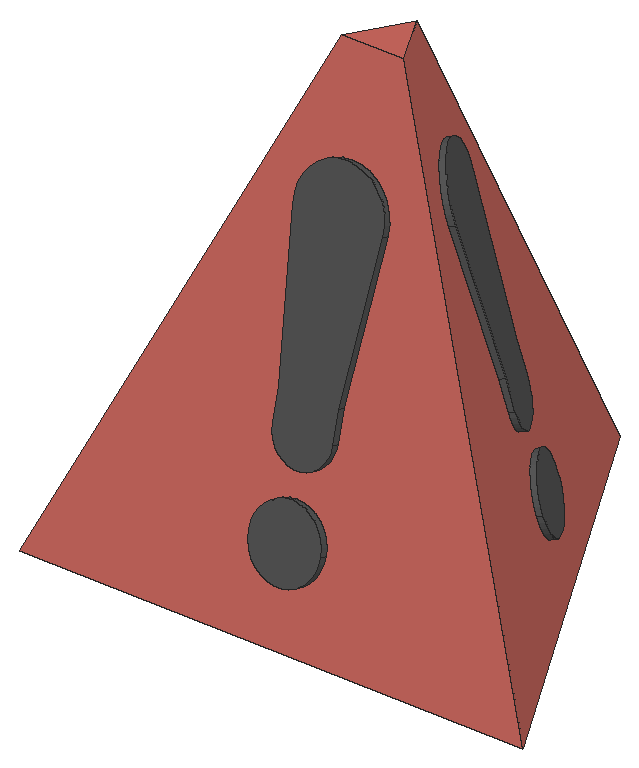
Revit family "Risk-Catastrophe", category Generic Models, Revit 2020
Family settings
  Can host rebar = No
  Round Connector Dimension = Use Diameter
  Part Type = Normal
  Work Plane-Based = No
  Always vertical = Yes
  Cut with Voids When Loaded = No
  Shared = No
  Room Calculation Point = Yes
Parameters
  Who is Likely to be Harmed [instance] = ""
  RiskBlock = Laminate, Red, Matte
  Risk Number [instance] = 0
  Risk Management Action Required [instance] = ""
  PD to include in Pre-Construct Info? [instance] = yes
  PD to include in Health and Safety File? [instance] = yes
  List Possible Hazards [instance] = ""
  Is the Risk Acceptable? [instance] = yes
  Exclamation = Laminate, Black
  Element of Design [instance] = ""
  Drawing/Spec. Reference [instance] = ""
  Default Elevation = 0 mm
  Date Risk or Hazard Removed & By Whom [instance] = ""
  Action Required By Who and By When [instance] = ""
Reference planes
  plane 1 "Center (Front/Back)": y = 0
  plane 2: z = 0
  plane 3 "Center (Left/Right)": x = 0
  plane 4 "Top": z = 800
Forms (mm)
  Extrusion 1, solid, material "Laminate, Black" <- "Exclamation"
    sketch origin (212.783, -257.679, -63.357) x (1, 0, 0) y (0, 0.254936, 0.966958)
      loop
        circle (-211.695, 212.66) r 60
      loop
        arc (-262.719, 362.315) -> (-212.378, 312.658) -> (-162.721, 362.999) r 50
        line (-162.721, 362.999) -> (-163.063, 412.997) -> (-140.104, 655.583)
        arc (-140.104, 655.583) -> (-215.283, 737.648) -> (-289.333, 654.563) r 75
        line (-289.333, 654.563) -> (-263.06, 412.314) -> (-262.719, 362.315)
    from 0 to 10
  Extrusion 2, solid, material "Laminate, Black" <- "Exclamation"
    sketch origin (222.945, 127.243, -62.445) x (-0.5, 0.866025, 0) y (-0.220211, -0.127139, 0.967131)
      loop
        circle (1.287, 211.098) r 60
      loop
        line (51.287, 361.098) -> (51.287, 411.098) -> (75.904, 653.521)
        arc (75.904, 653.521) -> (1.287, 736.098) -> (-73.329, 653.521) r 75
        line (-73.329, 653.521) -> (-48.713, 411.098) -> (-48.713, 361.098)
        arc (-48.713, 361.098) -> (1.287, 311.098) -> (51.287, 361.098) r 50
    from 0 to 10
  Extrusion 3, solid, material "Laminate, Black" <- "Exclamation"
    sketch origin (-216.457, 134.846, -61.837) x (-0.5, -0.866025, 0) y (0.218654, -0.12624, 0.967602)
      loop
        line (-75.018, 652.702) -> (-50.401, 410.278) -> (-50.401, 360.278)
        arc (-50.401, 360.278) -> (-0.401, 310.278) -> (49.599, 360.278) r 50
        line (49.599, 360.278) -> (49.599, 410.278) -> (74.215, 652.702)
        arc (74.215, 652.702) -> (-0.401, 735.278) -> (-75.018, 652.702) r 75
      loop
        circle (-0.401, 210.278) r 60
    from 10 to 0
  Blend 4, solid, material "Laminate, Red, Matte" <- "RiskBlock"
    base sketch origin (0, 0, 0) x (1, 0, 0) y (0, 1, 0)
      loop
        line (0.886, 479.025) -> (-414.806, -240.975) -> (416.578, -240.975) -> (0.886, 479.025)
    top sketch origin (0, 0, 0) x (1, 0, 0) y (0, 1, 0)
      loop
        line (-0.032, 59.943) -> (-51.993, -30.057) -> (51.93, -30.057) -> (-0.032, 59.943)
    from 0 to 800
Dimensions and locks
  plane 4 "Top" to plane 2 = 800 mm
  aligned and locked: level to plane 2
  aligned and locked: Extrusion 2 to Blend 4
Nested families
  nested 1: "RiskSymbol-Catastrophe" at (-0.962, 0, 0), type "RiskSymbol-Catastrophe"
Definition of nested family "RiskSymbol-Catastrophe"
  Reference planes
    plane 1: y = 0
    plane 2: x = 0
  Lines and regions (mm)
    Filled region 1, type "Red Fill"
      outline origin (0, 0, 0) x (1, 0, 0) y (0, 1, 0)
        loop
          line (6.018, -3.484) -> (6.472, -4.27)
          arc (6.472, -4.27) -> (-3.838, 6.738) -> (0.371, -7.745) r 7.754
          arc (0.371, -7.745) -> (0.144, -7.374) -> (0.029, -6.954) r 1.55
          arc (0.029, -6.954) -> (-3.486, 6.017) -> (6.018, -3.484) r 6.954
        loop
          arc (-3.14, 5.48) -> (-5.467, 3.163) -> (-6.316, -0.009) r 6.316
          line (-6.316, -0.009) -> (-2.178, -0.009)
          arc (-2.178, -0.009) -> (-1.883, 1.094) -> (-1.071, 1.896) r 2.178
          line (-1.071, 1.896) -> (-3.14, 5.48)
        loop
          arc (1.114, 1.871) -> (1.895, 1.072) -> (2.178, -0.009) r 2.178
          line (2.178, -0.009) -> (6.316, -0.009)
          arc (6.316, -0.009) -> (5.479, 3.141) -> (3.183, 5.455) r 6.316
          line (3.183, 5.455) -> (1.114, 1.871)
        loop
          circle (0, 0) r 1.737
        loop
          line (-1.063, -1.9) -> (-3.132, -5.484)
          arc (-3.132, -5.484) -> (-1.447, -6.148) -> (0.357, -6.305) r 6.316
          line (0.357, -6.305) -> (2.011, -3.442) -> (1.106, -1.876)
          arc (1.106, -1.876) -> (0.025, -2.177) -> (-1.063, -1.9) r 2.178
        loop
          arc (0.917, -6.384) -> (0.917, -7.134) -> (1.567, -7.509) r 0.75
          line (1.567, -7.509) -> (6.12, -7.509)
          arc (6.12, -7.509) -> (6.769, -7.134) -> (6.769, -6.384) r 0.75
          line (6.769, -6.384) -> (4.493, -2.441)
          arc (4.493, -2.441) -> (3.843, -2.066) -> (3.194, -2.441) r 0.75
          line (3.194, -2.441) -> (0.917, -6.384)
        loop
          line (3.228, -3.589) -> (3.443, -5.989) -> (4.243, -5.989) -> (4.461, -3.589) -> (3.228, -3.589)
        loop
          line (4.326, -7.089) -> (4.326, -6.233) -> (3.358, -6.233) -> (3.358, -7.089) -> (4.326, -7.089)
  Text (mm)
    text "Risk: Catastrophic Event" at (0.244, -11.202, 0)
